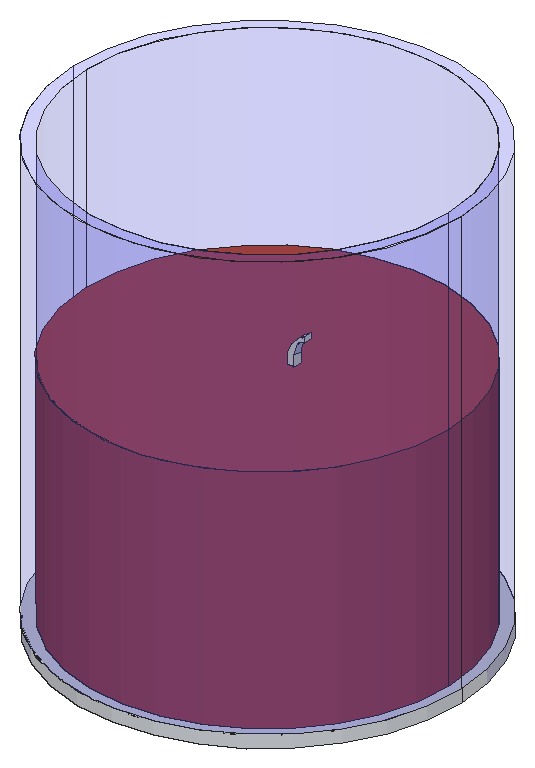
Revit family
Parameters
  Wattage = 12.1178 W
  built-in parameter 1150110 = 1 (stored number, unit not read)
  built-in parameter 1114217 = 1 (stored number, unit not read)
  built-in parameter 1150109 = 1 (stored number, unit not read)
  built-in parameter 1150134 = (empty or 0)
  built-in parameter 1150113 = 1 (stored number, unit not read)
  Lumens = 1800 lm
  built-in parameter 1150115 = 1 (stored number, unit not read)
  built-in parameter 1150105 = 143.24 (stored number, unit not read)
  Light Source Symbol Size = 2' - 0"
  built-in parameter 1150137 = (empty or 0)
  built-in parameter 1150139 = (empty or 0)
  built-in parameter 1150112 = 1 (stored number, unit not read)
  built-in parameter 1150114 = 1 (stored number, unit not read)
  built-in parameter 1150132 = 2
  built-in parameter 1150102 = (empty or 0)
  built-in parameter 1150138 = (empty or 0)
  built-in parameter 1150107 = 3000 (stored number, unit not read)
  built-in parameter 1150106 = 1.4324 (stored number, unit not read)
  built-in parameter 1150104 = 13.8 (stored number, unit not read)
  Dimming Lamp Color Temperature Shift = (empty or 0)
  Color Filter = 16777215
  built-in parameter 1114218 = 1 (stored number, unit not read)
  built-in parameter 1150133 = 10 (stored number, unit not read)
Reference planes (in)
  plane 1 "Light Source Axis (F/B)": y = 0.07383
  plane 2: z = 0
  plane 3 "Light Source Axis (L/R)": x = -0.35215
  plane 4 "Light Source Elevation": z = 9.68109
Forms (in)
  Extrusion 1, solid, material "Glass"
    sketch origin (0, 0, 0) x (1, 0, 0) y (0, 1, 0)
      loop
        circle (0, 0) r 4
      loop
        circle (0, 0) r 3.75
    from 0 to 9
  Extrusion 2, solid
    sketch origin (0, 0, 0) x (1, 0, 0) y (0, 1, 0)
      loop
        circle (0, 0) r 4
    from 0 to 0.25951
  Extrusion 3, solid, material "Default"
    sketch origin (0, 0, 0) x (1, 0, 0) y (0, 1, 0)
      loop
        circle (0.01721, -0.03681) r 3.75
    from 5 to 0.125
  Extrusion 4, solid
    sketch origin (0.5, -12.65629, -0.01562) x (1, 0, 0) y (0, 0, 1)
      loop
        line (-0.10656, 5) -> (0.01844, 5) -> (0.01844, 5.22035)
        spline (0.01844, 5.22035) -> (0.02327, 5.24367) -> (0.02919, 5.27075) -> (0.03628, 5.30042) -> (0.04469, 5.33171) -> (0.05461, 5.36371) -> (0.0664, 5.39569) -> (0.08053, 5.42695) -> (0.09796, 5.45701) -> (0.12054, 5.48534) -> (0.15141, 5.51023) -> (0.19304, 5.52624) -> (0.24033, 5.52575)
        line (0.24033, 5.52575) -> (0.24033, 5.63526)
        spline (0.24033, 5.63526) -> (0.20719, 5.62519) -> (0.17184, 5.607) -> (0.13517, 5.58191) -> (0.09807, 5.55117) -> (0.06144, 5.51602) -> (0.02617, 5.47768) -> (-0.00683, 5.43739) -> (-0.03667, 5.3964) -> (-0.06246, 5.35592) -> (-0.0833, 5.31721) -> (-0.0983, 5.28149) -> (-0.10656, 5.25)
        line (-0.10656, 5.25) -> (-0.10656, 5)
    from -12.85246 to -12.68918
Lines and regions (in)
  model lines
    curve 1: circle (0, 0, 0) r 4 normal (0, 0, 1)
Dimensions and locks (in)
  aligned and locked: plane 3 "Light Source Axis (L/R)" to imposter light
  aligned and locked: plane 1 "Light Source Axis (F/B)" to imposter light
  aligned and locked: plane 4 "Light Source Elevation" to imposter light
